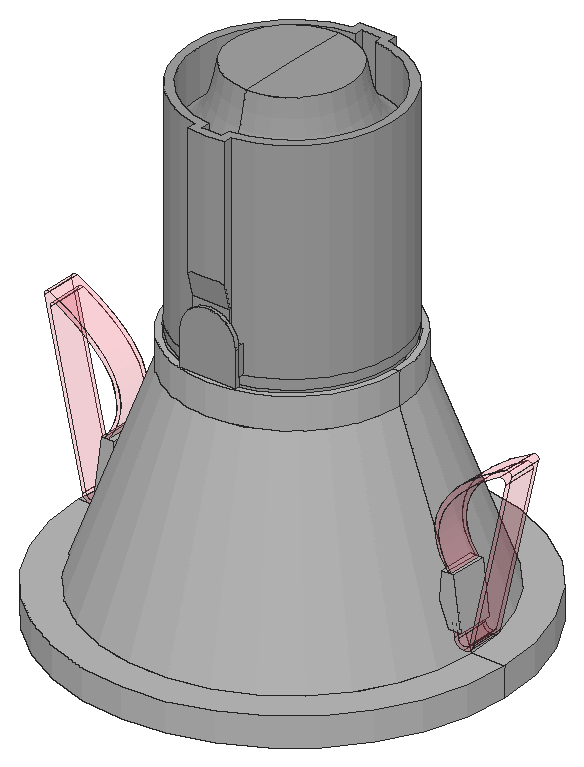
Revit family "LAMP_MOODY G2 800 (DALI) +  ROUND FIXED IP55 REFLECTOR", category Luminarias, Revit 2015
Parameters (values of type "2700K FLOOD")
  Ángulo de inclinación = 90.00°
  White reflector model = White reflector code  # "MORFRD100FX55W"
  White reflector finish = "Matt white"
  White reflector description = "MOODY REF RD FX Ø99 WH."
  White reflector datasheet = "http://www.lamp.es/product-files/TECH/MORFRD100FX55W-EN.pdf"
  White reflector [instance] = no
  Wattage = 6.1 W
  UGR = "21"
  Type = "COB PHILIPS"
  White reflector code = "MORFRD100FX55W"
  Total weight = 0.25 kg
  Total height = 115 mm
  Reflector diameter = 100 mm
  Reflector [instance] = and(not(White reflector), not(Black reflector))  # no
  Recessed diameter = 95 mm
  built-in parameter 1150110 = 1 (stored number, unit not read)
  Protection rating = "IP20"
  Product URL = "https://www.lamp.es/en/family/moody_33323"
  Power Supply = "220-240V 50/60Hz"
  Power = 5 W
  Plum = 6.1 W
  Model explanation = "Availability of switching reflector colour when placed in a project."
  Material cristal = Cristal
  Material Reflector Plata = LAMP_PC Reflector Moody GR
  Material Reflector Negro = LAMP_PC Reflector Moody NG
  Material Reflector Cobre = LAMP_PC Reflector Moody CO
  Material Muelle Emp. = LAMP_Acero genérico
  Material Reflector Blanco = LAMP_PC Reflector Moody BL
  Manufacturer name = "LAMP"
  Manufacturer country = "Spain"
  Manufacturer URL = "http://www.lamp.es/en"
  MacAdam = "3"
  Lámpara = "COB LED"
  Luminaire type = "Indoor - Recessed Downlight"
  Last update = "28/08/2019"
  LED Lifetime = "50.000 L90 B10"
  Insulation class = "II"
  Installation instructions = "https://www.lamp.es/product-files/INS/1004620-A-INSTR.%20MOODY%20G2.pdf"
  IEE = "A++"
  Gear = "Adjustable DALI"
  built-in parameter 1114217 = 1 (stored number, unit not read)
  built-in parameter 1150109 = 1 (stored number, unit not read)
  Fabricante = Manufacturer name  # "LAMP"
  Efficacy = 71.3 lm/W
  Descripción = "MOODY G2 800 VWW FL DALI BK."
  Core product code = "MO208FL927DB"
  Core diameter = 50 mm
  Core datasheet = "http://www.lamp.es/product-files/TECH/MO208FL927DB-EN.pdf"
  Core model = Core product code  # "MO208FL927DB"
  Comentarios de tipo = Model explanation  # "Availability of switching reflector colour when placed in a project."
  built-in parameter 1150134 = (empty or 0)
  built-in parameter 1150113 = 1 (stored number, unit not read)
  Lumens = 434.93 lm
  built-in parameter 1150115 = 1 (stored number, unit not read)
  built-in parameter 1150105 = 34.611 (stored number, unit not read)
  built-in parameter 1150137 = (empty or 0)
  built-in parameter 1150139 = (empty or 0)
  built-in parameter 1150112 = 1 (stored number, unit not read)
  built-in parameter 1150114 = 1 (stored number, unit not read)
  built-in parameter 1150132 = 2
  built-in parameter 1150102 = (empty or 0)
  built-in parameter 1150138 = (empty or 0)
  built-in parameter 1150107 = 2700 (stored number, unit not read)
  built-in parameter 1150106 = 0.34611 (stored number, unit not read)
  built-in parameter 1150104 = 6.624 (stored number, unit not read)
  Dimming Lamp Color Temperature Shift = (empty or 0)
  Color Filter = 16777215
  built-in parameter 1114218 = 1 (stored number, unit not read)
  CRI = "90"
  Core description = "MOODY CORE 500 VWW MFL"
  Black reflector model = Black reflector code  # "MORFRD100FX55B"
  Black reflector finish = "Matt black"
  Black reflector description = "MOODY REF RD FX Ø99 BK."
  Black reflector datasheet = "http://www.lamp.es/product-files/TECH/MORFRD100FX55B-EN.pdf"
  Black reflector code = "MORFRD100FX55B"
  Black reflector [instance] = yes
  Archivo de red fotométrica = "MO208FL927TB.IES"
  Altura reflector = 56.5 mm
  built-in parameter 1150133 = 10 (stored number, unit not read)
Types (9, lengths in mm): name | Efficacy | Descripción | Core product code | Core datasheet | Core model | built-in parameter 1150107 | CRI
  2700K FLOOD | 71.3 lm/W | "MOODY G2 800 VWW FL DALI BK." | "MO208FL927DB" | "http://www.lamp.es/product-files/TECH/MO208FL927DB-EN.pdf" | "MO208FL927DB" | 2700 (stored number, unit not read) | "90"
  2700K SPOT | 71.3 lm/W | "MOODY G2 800 VWW SP DALI BK." | "MO208SP927DB" | "http://www.lamp.es/product-files/TECH/MO208SP927DB-EN.pdf" | "MO208SP927DB" | 2700 (stored number, unit not read) | "90"
  2700K WIDE FLOOD | 71.3 lm/W | "MOODY G2 800 VWW WFL DALI BK." | "MO208WF927DB" | "http://www.lamp.es/product-files/TECH/MO208WF927DB-EN.pdf" | "MO208WF927DB" | 2700 (stored number, unit not read) | "90"
  3000K FLOOD | 87.4 lm/W | "MOODY G2 800 WW FL DALI BK." | "MO208FL830DB" | "http://www.lamp.es/product-files/TECH/MO208FL830DB-EN.pdf" | "MO208FL830DB" | 3000 (stored number, unit not read) | "80"
  3000K SPOT | 87.4 lm/W | "MOODY G2 800 WW SP DALI BK." | "MO208SP830DB" | "http://www.lamp.es/product-files/TECH/MO208SP830DB-EN.pdf" | "MO208SP830DB" | 3000 (stored number, unit not read) | "80"
  3000K WIDE FLOOD | 87.4 lm/W | "MOODY G2 800 WW WFL DALI BK." | "MO208WF830DB" | "http://www.lamp.es/product-files/TECH/MO208WF830DB-EN.pdf" | "MO208WF830DB" | 3000 (stored number, unit not read) | "80"
  4000K FLOOD | 92.6 lm/W | "MOODY G2 800 NW FL DALI BK." | "MO208FL840DB" | "http://www.lamp.es/product-files/TECH/MO208FL840DB-EN.pdf" | "MO208FL840DB" | 4000 (stored number, unit not read) | "80"
  4000K SPOT | 92.6 lm/W | "MOODY G2 800 NW SP DALI BK." | "MO208SP840DB" | "http://www.lamp.es/product-files/TECH/MO208SP840DB-EN.pdf" | "MO208SP840DB" | 4000 (stored number, unit not read) | "80"
  4000K WIDE FLOOD | 92.6 lm/W | "MOODY G2 800 NW WFL DALI BK." | "MO208WF840DB" | "http://www.lamp.es/product-files/TECH/MO208WF840DB-EN.pdf" | "MO208WF840DB" | 4000 (stored number, unit not read) | "80"
Reference planes
  plane 1 "Eje de origen de luz (F/P)": y = 0
  plane 2: z = 0
  plane 3 "Eje de origen de luz (I/D)": x = 0
  plane 4 "Techo": z = 3738.5
  plane 5 "Elevación de origen de luz": z = 3738.5
Forms (mm)
  Revolve 1, solid, material "LAMP_PC Reflector Moody NG" <- "Material Reflector Negro", visible <- "Reflector"
    sketch origin (0, 0, 0) x (1, 0, 0) y (0, 0, 1)
      loop
        line (-26.8, 3795) -> (-26.8, 3787.4) -> (-44.8, 3738.5) -> (-53, 3738.5) -> (-53, 3731.4) -> (-43.4, 3731.4) -> (-43.4, 3737.815) -> (-25.4, 3786.715) -> (-20.4, 3786.715) -> (-20.4, 3789.672) -> (-25.4, 3789.672) -> (-25.4, 3795) -> (-26.8, 3795)
      axis (0, 3731.4) -> (0, 3795)
    angle from 0 to 360
  Extrusion 2, solid, material "LAMP_PC Reflector Moody CO" <- "Material Reflector Cobre", not visible
    sketch origin (0, 0, 0) x (1, 0, 0) y (0, 0, 1)
      loop
        line (-42.407, 3745) -> (-40.284, 3750.769) -> (-40.873, 3757.5) -> (-43.873, 3757.5) -> (-45.407, 3745) -> (-42.407, 3745)
    from 4.4 to -4.4
  Extrusion 3, solid, material "LAMP_PC Reflector Moody CO" <- "Material Reflector Cobre", not visible
    sketch origin (0, 0, 0) x (-1, 0, 0) y (0, 0, -1)
      loop
        line (-42.407, -3745) -> (-45.407, -3745) -> (-43.873, -3757.5) -> (-40.873, -3757.5) -> (-40.284, -3750.769) -> (-42.407, -3745)
    from 4.4 to -4.4
  Extrusion 4, solid, material "LAMP_Acero genérico" <- "Material Muelle Emp."
    sketch origin (0, 0, 0) x (1, 0, 0) y (0, 0, 1)
      loop
        line (-43.449, 3746.955) -> (-44.442, 3747.077) -> (-44.86, 3743.673)
        arc (-44.86, 3743.673) -> (-46.011, 3742.395) -> (-47.607, 3743.039) r 1.5
        line (-47.607, 3743.039) -> (-56.587, 3781.935)
        arc (-56.587, 3781.935) -> (-56.25, 3782.912) -> (-55.225, 3783.038) r 0.975
        spline (-55.225, 3783.038) -> (-51.331, 3780.738) -> (-48.069, 3778.431) -> (-45.409, 3776.129) -> (-43.316, 3773.842) -> (-41.759, 3771.583) -> (-40.706, 3769.362) -> (-40.125, 3767.192) -> (-39.983, 3765.084) -> (-40.248, 3763.049) -> (-40.888, 3761.099) -> (-41.87, 3759.246) -> (-43.162, 3757.5)
        line (-43.162, 3757.5) -> (-42.155, 3757.5)
        spline (-42.155, 3757.5) -> (-40.805, 3759.492) -> (-39.803, 3761.59) -> (-39.185, 3763.778) -> (-38.986, 3766.043) -> (-39.241, 3768.371) -> (-39.985, 3770.746) -> (-41.254, 3773.156) -> (-43.082, 3775.585) -> (-45.504, 3778.019) -> (-48.557, 3780.445) -> (-52.274, 3782.848) -> (-56.692, 3785.214)
        arc (-56.692, 3785.214) -> (-57.717, 3785.088) -> (-58.053, 3784.112) r 0.975
        line (-58.053, 3784.112) -> (-48.597, 3743.153)
        arc (-48.597, 3743.153) -> (-47.735, 3741.824) -> (-46.22, 3741.36) r 2.317
        arc (-46.22, 3741.36) -> (-44.644, 3742.027) -> (-43.867, 3743.552) r 2.5
        line (-43.867, 3743.552) -> (-43.449, 3746.955)
    from 4.3 to -4.3
  Extrusion 5, solid, material "LAMP_Acero genérico" <- "Material Muelle Emp."
    sketch origin (0, 0, 0) x (-1, 0, 0) y (0, 0, -1)
      loop
        line (-43.449, -3746.955) -> (-43.867, -3743.552)
        arc (-43.867, -3743.552) -> (-44.644, -3742.027) -> (-46.22, -3741.36) r 2.5
        arc (-46.22, -3741.36) -> (-47.735, -3741.824) -> (-48.597, -3743.153) r 2.317
        line (-48.597, -3743.153) -> (-58.053, -3784.112)
        arc (-58.053, -3784.112) -> (-57.717, -3785.088) -> (-56.692, -3785.214) r 0.975
        spline (-56.692, -3785.214) -> (-52.274, -3782.848) -> (-48.557, -3780.445) -> (-45.504, -3778.019) -> (-43.082, -3775.585) -> (-41.254, -3773.156) -> (-39.985, -3770.746) -> (-39.241, -3768.371) -> (-38.986, -3766.043) -> (-39.185, -3763.778) -> (-39.803, -3761.59) -> (-40.805, -3759.492) -> (-42.155, -3757.5)
        line (-42.155, -3757.5) -> (-43.162, -3757.5)
        spline (-43.162, -3757.5) -> (-41.87, -3759.246) -> (-40.888, -3761.099) -> (-40.248, -3763.049) -> (-39.983, -3765.084) -> (-40.125, -3767.192) -> (-40.706, -3769.362) -> (-41.759, -3771.583) -> (-43.316, -3773.842) -> (-45.409, -3776.129) -> (-48.069, -3778.431) -> (-51.331, -3780.738) -> (-55.225, -3783.038)
        arc (-55.225, -3783.038) -> (-56.25, -3782.912) -> (-56.587, -3781.935) r 0.975
        line (-56.587, -3781.935) -> (-47.607, -3743.039)
        arc (-47.607, -3743.039) -> (-46.011, -3742.395) -> (-44.86, -3743.673) r 1.5
        line (-44.86, -3743.673) -> (-44.442, -3747.077) -> (-43.449, -3746.955)
    from 4.3 to -4.3
  Revolve 6, solid, material "LAMP_PC Reflector Moody BL" <- "Material Reflector Blanco", visible <- "White reflector"
    sketch origin (0, 0, 0) x (1, 0, 0) y (0, 0, 1)
      loop
        line (-26.8, 3795) -> (-26.8, 3787.4) -> (-44.8, 3738.5) -> (-53, 3738.5) -> (-53, 3731.4) -> (-43.4, 3731.4) -> (-43.4, 3737.815) -> (-25.4, 3786.715) -> (-20.4, 3786.715) -> (-20.4, 3789.672) -> (-25.4, 3789.672) -> (-25.4, 3795) -> (-26.8, 3795)
      axis (0, 3731.4) -> (0, 3795)
    angle from 0 to 360
  Extrusion 7, solid, material "LAMP_PC Reflector Moody BL" <- "Material Reflector Blanco", visible <- "White reflector"
    sketch origin (0, 0, 0) x (1, 0, 0) y (0, 0, 1)
      loop
        line (-42.407, 3745) -> (-40.284, 3750.769) -> (-40.873, 3757.5) -> (-43.873, 3757.5) -> (-45.407, 3745) -> (-42.407, 3745)
    from 4.4 to -4.4
  Extrusion 8, solid, material "LAMP_PC Reflector Moody BL" <- "Material Reflector Blanco", visible <- "White reflector"
    sketch origin (0, 0, 0) x (-1, 0, 0) y (0, 0, -1)
      loop
        line (-42.407, -3745) -> (-45.407, -3745) -> (-43.873, -3757.5) -> (-40.873, -3757.5) -> (-40.284, -3750.769) -> (-42.407, -3745)
    from 4.4 to -4.4
  Revolve 9, solid, material "LAMP_PC Reflector Moody NG" <- "Material Reflector Negro", visible <- "Black reflector"
    sketch origin (0, 0, 0) x (1, 0, 0) y (0, 0, 1)
      loop
        line (-26.8, 3795) -> (-26.8, 3787.4) -> (-44.8, 3738.5) -> (-53, 3738.5) -> (-53, 3731.4) -> (-43.4, 3731.4) -> (-43.4, 3737.815) -> (-25.4, 3786.715) -> (-20.4, 3786.715) -> (-20.4, 3789.672) -> (-25.4, 3789.672) -> (-25.4, 3795) -> (-26.8, 3795)
      axis (0, 3731.4) -> (0, 3795)
    angle from 0 to 360
  Extrusion 10, solid, material "LAMP_PC Reflector Moody NG" <- "Material Reflector Negro", visible <- "Black reflector"
    sketch origin (0, 0, 0) x (1, 0, 0) y (0, 0, 1)
      loop
        line (-42.407, 3745) -> (-40.284, 3750.769) -> (-40.873, 3757.5) -> (-43.873, 3757.5) -> (-45.407, 3745) -> (-42.407, 3745)
    from 4.4 to -4.4
  Extrusion 11, solid, material "LAMP_PC Reflector Moody NG" <- "Material Reflector Negro", visible <- "Black reflector"
    sketch origin (0, 0, 0) x (-1, 0, 0) y (0, 0, -1)
      loop
        line (-42.407, -3745) -> (-45.407, -3745) -> (-43.873, -3757.5) -> (-40.873, -3757.5) -> (-40.284, -3750.769) -> (-42.407, -3745)
    from 4.4 to -4.4
  Extrusion 12, solid, material "LAMP_PC Reflector Moody GR" <- "Material Reflector Plata", not visible
    sketch origin (0, 0, 0) x (1, 0, 0) y (0, 0, 1)
      loop
        line (-42.407, 3745) -> (-40.284, 3750.769) -> (-40.873, 3757.5) -> (-43.873, 3757.5) -> (-45.407, 3745) -> (-42.407, 3745)
    from 4.4 to -4.4
  Extrusion 13, solid, material "LAMP_PC Reflector Moody GR" <- "Material Reflector Plata", not visible
    sketch origin (0, 0, 0) x (-1, 0, 0) y (0, 0, -1)
      loop
        line (-42.407, -3745) -> (-45.407, -3745) -> (-43.873, -3757.5) -> (-40.873, -3757.5) -> (-40.284, -3750.769) -> (-42.407, -3745)
    from 4.4 to -4.4
  Extrusion 14, solid, material "LAMP_PC Reflector Moody NG" <- "Material Reflector Negro", visible <- "Reflector"
    sketch origin (0, 0, 0) x (1, 0, 0) y (0, 0, 1)
      loop
        line (-42.407, 3745) -> (-40.284, 3750.769) -> (-40.873, 3757.5) -> (-43.873, 3757.5) -> (-45.407, 3745) -> (-42.407, 3745)
    from 4.4 to -4.4
  Extrusion 15, solid, material "LAMP_PC Reflector Moody NG" <- "Material Reflector Negro", visible <- "Reflector"
    sketch origin (0, 0, 0) x (-1, 0, 0) y (0, 0, -1)
      loop
        line (-42.407, -3745) -> (-45.407, -3745) -> (-43.873, -3757.5) -> (-40.873, -3757.5) -> (-40.284, -3750.769) -> (-42.407, -3745)
    from 4.4 to -4.4
  Revolve 16, solid, material "Cristal" <- "Material cristal"
    sketch origin (0, 0, 0) x (1, 0, 0) y (0, 0, 1)
      loop
        line (-43.4, 3738.5) -> (-43.4, 3731.4) -> (0, 3731.4) -> (0, 3738.5) -> (-43.4, 3738.5)
      axis (0, 3731.4) -> (0, 3738.5)
    angle from 0 to 360
Text (mm)
  text "Any modification of the parameters and properties of the LAMP BIM models must be executed and validated by the LAMP technical department.\n\nPhone: +34 93 736 68 00\n\nE-mail: lamp@lamp.es\n\n\n\nLAMP reserves the right to modify the technical specifications of its products." at (-1237.633, 1699.993, 3254.939), in view "Preview"
Dimensions and locks
  equal spacing: host sketch curve, plane 3 "Eje de origen de luz (I/D)", host sketch curve
  equal spacing: host sketch curve, plane 1 "Eje de origen de luz (F/P)", host sketch curve
  host sketch curve to host sketch curve = 4000 mm  (x2)
  locked: plane 4 "Techo" to host ceiling at 0
  "Altura reflector": plane 4 "Techo" to Revolve 1
  aligned and locked: plane 3 "Eje de origen de luz (I/D)" to imposter light
  aligned and locked: plane 1 "Eje de origen de luz (F/P)" to imposter light
  aligned and locked: plane 5 "Elevación de origen de luz" to imposter light
  aligned and locked: plane 4 "Techo" to plane 5 "Elevación de origen de luz"
Automatic sketch dimensions
  Extrusion 2 sketch curve to plane 4 "Techo" = 6.5 mm
  Extrusion 2 sketch curve to plane 3 "Eje de origen de luz (I/D)" = 45.407 mm
  Extrusion 2 sketch curve to Extrusion 2 sketch curve = 1.535 mm
  Extrusion 2 sketch curve to Extrusion 2 sketch curve = 3 mm  (x2)
  Extrusion 2 sketch curve to plane 4 "Techo" = 19 mm
  Extrusion 2 sketch curve to plane 4 "Techo" = 12.269 mm
  Extrusion 2 sketch curve to Extrusion 2 sketch curve = 2.124 mm
  plane 4 "Techo" to Extrusion 3 sketch curve = 6.5 mm
  Extrusion 3 sketch curve to plane 3 "Eje de origen de luz (I/D)" = 45.407 mm
  Extrusion 3 sketch curve to Extrusion 3 sketch curve = 1.535 mm
  Extrusion 3 sketch curve to Extrusion 3 sketch curve = 3 mm  (x2)
  plane 4 "Techo" to Extrusion 3 sketch curve = 19 mm
  plane 4 "Techo" to Extrusion 3 sketch curve = 12.269 mm
  Extrusion 3 sketch curve to Extrusion 3 sketch curve = 2.124 mm
  Extrusion 4 sketch curve to Extrusion 4 sketch curve = 0 mm  (x2)
  Extrusion 4 sketch curve to plane 3 "Eje de origen de luz (I/D)" = 58.053 mm
  Extrusion 4 sketch curve to Extrusion 4 sketch curve = 0.95 mm  (x2)
  Extrusion 4 sketch curve to Extrusion 4 sketch curve = 0.412 mm  (x2)
  Extrusion 4 sketch curve to Extrusion 4 sketch curve = 0.517 mm
  Extrusion 4 sketch curve to plane 4 "Techo" = 4.653 mm
  Extrusion 4 sketch curve to Extrusion 4 sketch curve = 7.989 mm
  Extrusion 4 sketch curve to plane 4 "Techo" = 4.539 mm
  Extrusion 4 sketch curve to Extrusion 4 sketch curve = 0.991 mm
  Extrusion 4 sketch curve to Extrusion 4 sketch curve = 1.258 mm
  Extrusion 4 sketch curve to Extrusion 4 sketch curve = 0.009 mm
  Extrusion 4 sketch curve to plane 4 "Techo" = 5.173 mm
  Extrusion 4 sketch curve to Extrusion 4 sketch curve = 1.479 mm
  Extrusion 4 sketch curve to plane 4 "Techo" = 8.577 mm
  Extrusion 4 sketch curve to Extrusion 4 sketch curve = 0.418 mm
  Extrusion 4 sketch curve to plane 4 "Techo" = 5.052 mm
  Extrusion 4 sketch curve to Extrusion 4 sketch curve = 0.993 mm
  Extrusion 4 sketch curve to Extrusion 4 sketch curve = 1.28 mm
  Extrusion 4 sketch curve to Extrusion 4 sketch curve = 1.008 mm
  Extrusion 4 sketch curve to Extrusion 4 sketch curve = 0.182 mm
  Extrusion 4 sketch curve to Extrusion 4 sketch curve = 10.423 mm
  Extrusion 4 sketch curve to Extrusion 4 sketch curve = 24.435 mm
  Extrusion 4 sketch curve to Extrusion 4 sketch curve = 0.219 mm  (x2)
  Extrusion 4 sketch curve to Extrusion 4 sketch curve = 2.176 mm
  Extrusion 5 sketch curve to Extrusion 5 sketch curve = 0 mm  (x2)
  Extrusion 5 sketch curve to plane 3 "Eje de origen de luz (I/D)" = 58.053 mm
  Extrusion 5 sketch curve to Extrusion 5 sketch curve = 0.95 mm  (x2)
  Extrusion 5 sketch curve to Extrusion 5 sketch curve = 0.412 mm  (x2)
  Extrusion 5 sketch curve to Extrusion 5 sketch curve = 0.517 mm
  plane 4 "Techo" to Extrusion 5 sketch curve = 4.653 mm
  Extrusion 5 sketch curve to Extrusion 5 sketch curve = 7.989 mm
  plane 4 "Techo" to Extrusion 5 sketch curve = 4.539 mm
  Extrusion 5 sketch curve to Extrusion 5 sketch curve = 0.991 mm
  Extrusion 5 sketch curve to Extrusion 5 sketch curve = 1.258 mm
  Extrusion 5 sketch curve to Extrusion 5 sketch curve = 0.009 mm
  plane 4 "Techo" to Extrusion 5 sketch curve = 5.173 mm
  Extrusion 5 sketch curve to Extrusion 5 sketch curve = 1.479 mm
  plane 4 "Techo" to Extrusion 5 sketch curve = 8.577 mm
  Extrusion 5 sketch curve to Extrusion 5 sketch curve = 0.418 mm
  plane 4 "Techo" to Extrusion 5 sketch curve = 5.052 mm
  Extrusion 5 sketch curve to Extrusion 5 sketch curve = 0.993 mm
  Extrusion 5 sketch curve to Extrusion 5 sketch curve = 1.28 mm
  Extrusion 5 sketch curve to Extrusion 5 sketch curve = 1.008 mm
  Extrusion 5 sketch curve to Extrusion 5 sketch curve = 0.182 mm
  Extrusion 5 sketch curve to Extrusion 5 sketch curve = 10.423 mm
  Extrusion 5 sketch curve to Extrusion 5 sketch curve = 24.435 mm
  Extrusion 5 sketch curve to Extrusion 5 sketch curve = 0.219 mm  (x2)
  Extrusion 5 sketch curve to Extrusion 5 sketch curve = 2.176 mm
  Extrusion 7 sketch curve to plane 4 "Techo" = 6.5 mm
  Extrusion 7 sketch curve to plane 3 "Eje de origen de luz (I/D)" = 45.407 mm
  Extrusion 7 sketch curve to Extrusion 7 sketch curve = 1.535 mm
  Extrusion 7 sketch curve to Extrusion 7 sketch curve = 3 mm  (x2)
  Extrusion 7 sketch curve to plane 4 "Techo" = 19 mm
  Extrusion 7 sketch curve to plane 4 "Techo" = 12.269 mm
  Extrusion 7 sketch curve to Extrusion 7 sketch curve = 2.124 mm
  plane 4 "Techo" to Extrusion 8 sketch curve = 6.5 mm
  Extrusion 8 sketch curve to plane 3 "Eje de origen de luz (I/D)" = 45.407 mm
  Extrusion 8 sketch curve to Extrusion 8 sketch curve = 1.535 mm
  Extrusion 8 sketch curve to Extrusion 8 sketch curve = 3 mm  (x2)
  plane 4 "Techo" to Extrusion 8 sketch curve = 19 mm
  plane 4 "Techo" to Extrusion 8 sketch curve = 12.269 mm
  Extrusion 8 sketch curve to Extrusion 8 sketch curve = 2.124 mm
  Extrusion 10 sketch curve to plane 4 "Techo" = 6.5 mm
  Extrusion 10 sketch curve to plane 3 "Eje de origen de luz (I/D)" = 45.407 mm
  Extrusion 10 sketch curve to Extrusion 10 sketch curve = 1.535 mm
  Extrusion 10 sketch curve to Extrusion 10 sketch curve = 3 mm  (x2)
  Extrusion 10 sketch curve to plane 4 "Techo" = 19 mm
  Extrusion 10 sketch curve to plane 4 "Techo" = 12.269 mm
  Extrusion 10 sketch curve to Extrusion 10 sketch curve = 2.124 mm
  plane 4 "Techo" to Extrusion 11 sketch curve = 6.5 mm
  Extrusion 11 sketch curve to plane 3 "Eje de origen de luz (I/D)" = 45.407 mm
  Extrusion 11 sketch curve to Extrusion 11 sketch curve = 1.535 mm
  Extrusion 11 sketch curve to Extrusion 11 sketch curve = 3 mm  (x2)
  plane 4 "Techo" to Extrusion 11 sketch curve = 19 mm
  plane 4 "Techo" to Extrusion 11 sketch curve = 12.269 mm
  Extrusion 11 sketch curve to Extrusion 11 sketch curve = 2.124 mm
  Extrusion 12 sketch curve to plane 4 "Techo" = 6.5 mm
  Extrusion 12 sketch curve to plane 3 "Eje de origen de luz (I/D)" = 45.407 mm
  Extrusion 12 sketch curve to Extrusion 12 sketch curve = 1.535 mm
  Extrusion 12 sketch curve to Extrusion 12 sketch curve = 3 mm  (x2)
  Extrusion 12 sketch curve to plane 4 "Techo" = 19 mm
  Extrusion 12 sketch curve to plane 4 "Techo" = 12.269 mm
  Extrusion 12 sketch curve to Extrusion 12 sketch curve = 2.124 mm
  plane 4 "Techo" to Extrusion 13 sketch curve = 6.5 mm
  Extrusion 13 sketch curve to plane 3 "Eje de origen de luz (I/D)" = 45.407 mm
  Extrusion 13 sketch curve to Extrusion 13 sketch curve = 1.535 mm
  Extrusion 13 sketch curve to Extrusion 13 sketch curve = 3 mm  (x2)
  plane 4 "Techo" to Extrusion 13 sketch curve = 19 mm
  plane 4 "Techo" to Extrusion 13 sketch curve = 12.269 mm
  Extrusion 13 sketch curve to Extrusion 13 sketch curve = 2.124 mm
  Extrusion 14 sketch curve to plane 4 "Techo" = 6.5 mm
  Extrusion 14 sketch curve to plane 3 "Eje de origen de luz (I/D)" = 45.407 mm
  Extrusion 14 sketch curve to Extrusion 14 sketch curve = 1.535 mm
  Extrusion 14 sketch curve to Extrusion 14 sketch curve = 3 mm  (x2)
  Extrusion 14 sketch curve to plane 4 "Techo" = 19 mm
  Extrusion 14 sketch curve to plane 4 "Techo" = 12.269 mm
  Extrusion 14 sketch curve to Extrusion 14 sketch curve = 2.124 mm
  plane 4 "Techo" to Extrusion 15 sketch curve = 6.5 mm
  Extrusion 15 sketch curve to plane 3 "Eje de origen de luz (I/D)" = 45.407 mm
  Extrusion 15 sketch curve to Extrusion 15 sketch curve = 1.535 mm
  Extrusion 15 sketch curve to Extrusion 15 sketch curve = 3 mm  (x2)
  plane 4 "Techo" to Extrusion 15 sketch curve = 19 mm
  plane 4 "Techo" to Extrusion 15 sketch curve = 12.269 mm
  Extrusion 15 sketch curve to Extrusion 15 sketch curve = 2.124 mm
  Revolve 16 sketch curve to plane 4 "Techo" = 0 mm
  Revolve 16 sketch curve to plane 3 "Eje de origen de luz (I/D)" = 0 mm  (x2)
  plane 4 "Techo" to Revolve 16 sketch curve = 7.1 mm
  Revolve 16 sketch curve to plane 3 "Eje de origen de luz (I/D)" = 43.4 mm
  Revolve 16 sketch curve to level = 358.228 mm
  Revolve 16 sketch curve to plane 4 "Techo" = 623.685 mm
  Revolve 9 sketch curve to plane 4 "Techo" = 0 mm
  Revolve 9 sketch curve to plane 3 "Eje de origen de luz (I/D)" = 0 mm
  Revolve 9 sketch curve to plane 3 "Eje de origen de luz (I/D)" = 20.4 mm
  Revolve 9 sketch curve to Revolve 9 sketch curve = 5 mm
  Revolve 9 sketch curve to Revolve 9 sketch curve = 0 mm
  Revolve 9 sketch curve to Revolve 9 sketch curve = 1.4 mm  (x2)
  plane 4 "Techo" to Revolve 9 sketch curve = 7.1 mm
  Revolve 9 sketch curve to plane 3 "Eje de origen de luz (I/D)" = 43.4 mm
  Revolve 9 sketch curve to Revolve 9 sketch curve = 9.6 mm
  Revolve 9 sketch curve to plane 4 "Techo" = 48.215 mm
  Revolve 9 sketch curve to Revolve 9 sketch curve = 0.685 mm
  Revolve 9 sketch curve to Revolve 9 sketch curve = 2.272 mm
  Revolve 9 sketch curve to Revolve 9 sketch curve = 5.328 mm
  plane 4 "Techo" to Revolve 9 sketch curve = 0.685 mm
  Revolve 9 sketch curve to level = 358.228 mm
  Revolve 9 sketch curve to Revolve 9 sketch curve = 305.685 mm
  Revolve 6 sketch curve to plane 4 "Techo" = 0 mm
  Revolve 6 sketch curve to plane 3 "Eje de origen de luz (I/D)" = 0 mm
  Revolve 6 sketch curve to plane 3 "Eje de origen de luz (I/D)" = 20.4 mm
  Revolve 6 sketch curve to Revolve 6 sketch curve = 5 mm
  Revolve 6 sketch curve to Revolve 6 sketch curve = 0 mm
  Revolve 6 sketch curve to Revolve 6 sketch curve = 1.4 mm  (x2)
  plane 4 "Techo" to Revolve 6 sketch curve = 7.1 mm
  Revolve 6 sketch curve to plane 3 "Eje de origen de luz (I/D)" = 43.4 mm
  Revolve 6 sketch curve to Revolve 6 sketch curve = 9.6 mm
  Revolve 6 sketch curve to plane 4 "Techo" = 48.215 mm
  Revolve 6 sketch curve to Revolve 6 sketch curve = 0.685 mm
  Revolve 6 sketch curve to Revolve 6 sketch curve = 2.272 mm
  Revolve 6 sketch curve to Revolve 6 sketch curve = 5.328 mm
  plane 4 "Techo" to Revolve 6 sketch curve = 0.685 mm
  Revolve 6 sketch curve to level = 358.228 mm
  Revolve 6 sketch curve to Revolve 6 sketch curve = 305.685 mm
  Revolve 1 sketch curve to plane 4 "Techo" = 0 mm
  Revolve 1 sketch curve to plane 3 "Eje de origen de luz (I/D)" = 0 mm
  Revolve 1 sketch curve to plane 3 "Eje de origen de luz (I/D)" = 20.4 mm
  Revolve 1 sketch curve to Revolve 1 sketch curve = 5 mm
  Revolve 1 sketch curve to Revolve 1 sketch curve = 0 mm
  Revolve 1 sketch curve to Revolve 1 sketch curve = 1.4 mm  (x2)
  plane 4 "Techo" to Revolve 1 sketch curve = 7.1 mm
  Revolve 1 sketch curve to plane 3 "Eje de origen de luz (I/D)" = 43.4 mm
  Revolve 1 sketch curve to Revolve 1 sketch curve = 9.6 mm
  Revolve 1 sketch curve to plane 4 "Techo" = 48.215 mm
  Revolve 1 sketch curve to Revolve 1 sketch curve = 0.685 mm
  Revolve 1 sketch curve to Revolve 1 sketch curve = 2.272 mm
  Revolve 1 sketch curve to Revolve 1 sketch curve = 5.328 mm
  plane 4 "Techo" to Revolve 1 sketch curve = 0.685 mm
  Revolve 1 sketch curve to level = 358.228 mm
  Revolve 1 sketch curve to Revolve 1 sketch curve = 305.685 mm
Nested families
  nested 1: "LAMP_MOODY CORE 500" at (0, 0, 3789.672) x (0, 1, 0) z (0, 0, 1), type "LAMP_MOODY CORE 500"
Connectors
  electrical at (0, 0, 3738.5)
    settings: on imposter light, index 1, voltage 230 V, apparent load 0 VA, apparent load phase1 0 VA, apparent load phase2 0 VA, apparent load phase3 0 VA, power factor 1, load classification "Otro", number of poles 1, system type 31, power factor state 1, is connector primary yes, connector utility no, sub classification motor no, connector description ""
Definition of nested family "LAMP_MOODY CORE 500"
  Parameters (values of type "LAMP_MOODY CORE 500")
    Weight = 0.214 kg
    Protection rating = "IP20"
    Product name = "MOODY CORE 500"
    Product URL = "http://www.lamp.es/en/family/moody_33323"
    Material Reflector = none
    Material Cuerpo = none
    Material COB = none
    Manufacturer name = "LAMP"
    Manufacturer country = "Spain"
    Manufacturer URL = "http://www.lamp.es/en"
    Luminaire type = "Indoor - Recessed Downlight"
    Last update = "08/05/2018"
    Installation instructions = ""
    Height = 65 mm
    Finish = "Cataphorese"
    Manufacturer = Manufacturer name  # "LAMP"
    Default Elevation = 1219.2 mm
    Diameter = 50 mm
    Description = Product name  # "MOODY CORE 500"
    Type Comments = "For product codes and features, see corresponding files LAMP_CORE + REFLECTOR"
    Altura interior = 49 mm
  Reference planes
    plane 1 "Centro (Frontal/Posterior)": y = 0
    plane 2: z = 0
    plane 3 "Centro (Izquierda/Derecha)": x = 0
    plane 4: z = 49
  Forms (mm)
    Extrusion 1, solid
      sketch origin (0, 0, 0) x (1, 0, 0) y (0, 1, 0)
        loop
          line (-1219.2, 1219.2) -> (-1219.2, -1219.2) -> (1219.2, -1219.2) -> (1219.2, 1219.2) -> (-1219.2, 1219.2)
      from 0 to -304.8
    Extrusion 2, solid, material <- "Material Cuerpo"
      sketch origin (0, 0, 8.2) x (1, 0, 0) y (0, 1, 0)
        loop
          arc (-26.622, 4.5) -> (-27, 0) -> (-26.622, -4.5) r 27
          line (-26.622, -4.5) -> (-24.592, -4.5)
          arc (-24.592, -4.5) -> (0, -25) -> (24.592, -4.5) r 25
          line (24.592, -4.5) -> (26.622, -4.5)
          arc (26.622, -4.5) -> (27, 0) -> (26.622, 4.5) r 27
          line (26.622, 4.5) -> (24.592, 4.5)
          arc (24.592, 4.5) -> (0, 25) -> (-24.592, 4.5) r 25
          line (-24.592, 4.5) -> (-26.622, 4.5)
        loop
          line (-24.875, -2.5) -> (-22.864, -2.5)
          arc (-22.864, -2.5) -> (0, -23) -> (22.864, -2.5) r 23
          line (22.864, -2.5) -> (24.875, -2.5)
          arc (24.875, -2.5) -> (25, 0) -> (24.875, 2.5) r 25
          line (24.875, 2.5) -> (22.864, 2.5)
          arc (22.864, 2.5) -> (0, 23) -> (-22.864, 2.5) r 23
          line (-22.864, 2.5) -> (-24.875, 2.5)
          arc (-24.875, 2.5) -> (-25, 0) -> (-24.875, -2.5) r 25
      from 0 to 52
    Revolve 3, solid, material <- "Material Cuerpo"
      sketch origin (0, 0, 8.2) x (1, 0, 0) y (0, 0, 1)
        loop
          spline (-14.467, 56.8) -> (-14.836, 54.556) -> (-15.268, 52.477) -> (-15.761, 50.564) -> (-16.317, 48.817) -> (-16.935, 47.235) -> (-17.615, 45.819) -> (-18.357, 44.568) -> (-19.161, 43.483) -> (-20.028, 42.564) -> (-20.956, 41.81) -> (-21.947, 41.222) -> (-23, 40.8)
          line (-23, 40.8) -> (0, 40.8) -> (0, 56.8) -> (-14.467, 56.8)
        axis (0, 56.8) -> (0, 40.8)
      angle from 0 to 360
    Extrusion 4, void
      sketch origin (0, 0, 8.2) x (0, 1, 0) y (0, 0, 1)
        loop
          line (-7, 0) -> (7, 0) -> (7, 6.5) -> (-7, 6.5) -> (-7, 0)
      from -28 to 28
    Extrusion 5, void
      sketch origin (0, 0, 8.2) x (1, 0, 0) y (0, 0, 1)
        loop
          line (25.068, 6.5) -> (27.791, 6.5) -> (27.791, 20.707) -> (26.791, 20.707) -> (25.068, 14.278) -> (25.068, 6.5)
      from -7 to 7
    Extrusion 6, void
      sketch origin (0, 0, 8.2) x (-1, 0, 0) y (0, 0, -1)
        loop
          line (25.068, -6.3) -> (25.068, -14.078) -> (26.791, -20.507) -> (27.791, -20.507) -> (27.791, -6.3) -> (25.068, -6.3)
      from -7 to 7
    Revolve 7, solid, material <- "Material Cuerpo"
      sketch origin (0, 0, 0) x (1, 0, 0) y (0, 0, 1)
        loop
          line (24.8, 0) -> (24.8, 2.2) -> (22.75, 2.2) -> (22.75, 5.8) -> (25, 5.8) -> (25, 8.2) -> (21.4, 8.2) -> (21.4, 7) -> (20.45, 7) -> (20.45, 0) -> (24.8, 0)
        axis (0, 8.2) -> (0, 0)
      angle from 0 to 360
    Extrusion 8, solid, material <- "Material Cuerpo"
      sketch origin (0, 0, 11.6) x (1, 0, 0) y (0, 1, 0)
        loop
          line (-25.068, 4.5) -> (-22.555, 4.5)
          arc (-22.555, 4.5) -> (0, 23) -> (22.555, 4.5) r 23
          line (22.555, 4.5) -> (25.068, 4.5) -> (25.068, 6.9) -> (22.778, 6.9)
          arc (22.778, 6.9) -> (0, 23.8) -> (-22.778, 6.9) r 23.8
          line (-22.778, 6.9) -> (-25.068, 6.9) -> (-25.068, 4.5)
        loop
          line (-25.068, -4.5) -> (-25.068, -6.9) -> (-22.778, -6.9)
          arc (-22.778, -6.9) -> (0, -23.8) -> (22.778, -6.9) r 23.8
          line (22.778, -6.9) -> (25.068, -6.9) -> (25.068, -4.5) -> (22.555, -4.5)
          arc (22.555, -4.5) -> (0, -23) -> (-22.555, -4.5) r 23
          line (-22.555, -4.5) -> (-25.068, -4.5)
      from -3.4 to 3.4
    Extrusion 9, solid, material <- "Material Cuerpo"
      sketch origin (0, 0, 0) x (0, 1, 0) y (0, 0, -1)
        loop
          arc (-6.769, -14.306) -> (0.131, -21.206) -> (7.031, -14.306) r 6.9
          line (7.031, -14.306) -> (7.031, -5.8) -> (-6.769, -5.8) -> (-6.769, -14.306)
      from 26 to 25.068
    Extrusion 10, solid, material <- "Material Cuerpo"
      sketch origin (0, 0, 0) x (0, 1, 0) y (0, 0, 1)
        loop
          line (-6.769, 14.306) -> (-6.769, 5.8) -> (7.031, 5.8) -> (7.031, 14.306)
          arc (7.031, 14.306) -> (0.131, 21.206) -> (-6.769, 14.306) r 6.9
      from 26 to 25.068
    Revolve 11, solid, material <- "Material Reflector"
      sketch origin (0, 0, -1660) x (1, 0, 0) y (0, 0, 1)
        loop
          line (21.4, 1667) -> (14.233, 1685.672) -> (13.283, 1685.672) -> (20.45, 1667) -> (21.4, 1667)
        axis (0, 1685.672) -> (0, 1667)
      angle from 0 to 360
    Revolve 12, solid, material <- "Material COB"
      sketch origin (0, 0, -2160) x (1, 0, 0) y (0, 0, 1)
        loop
          line (0, 2185.672) -> (14.233, 2185.672) -> (14.233, 2186.672) -> (0, 2186.672) -> (0, 2185.672)
        axis (0, 2186.672) -> (0, 2185.672)
      angle from 0 to 360
  Cuts and joins
    Extrusion 4, Extrusion 5, Extrusion 6 cuts Extrusion 2
  Dimensions and locks
    "Altura interior": plane 4 to Extrusion 1
    locked: cut or joined group of Extrusion 2, Extrusion 4, Extrusion 5, Extrusion 6 to plane 4 at 11.2
    aligned and locked: plane 2 to Extrusion 1
    aligned and locked: level to Extrusion 1
    aligned and locked: Revolve 3 to plane 4
    aligned and locked: Extrusion 8 to Revolve 7
    aligned and locked: Revolve 12 to Revolve 11
  Automatic sketch dimensions
    Extrusion 1 sketch curve to Extrusion 1 sketch curve = 2438.4 mm  (x2)
    Extrusion 2 sketch curve to Extrusion 2 sketch curve = 0 mm  (x57)
    plane 1 "Centro (Frontal/Posterior)" to Extrusion 2 sketch curve = 0 mm
    Extrusion 2 sketch curve to plane 3 "Centro (Izquierda/Derecha)" = 0 mm
    Extrusion 2 sketch curve to plane 1 "Centro (Frontal/Posterior)" = 2.5 mm  (x2)
    Extrusion 2 sketch curve to plane 3 "Centro (Izquierda/Derecha)" = 22.864 mm
    Extrusion 2 sketch curve to Extrusion 2 sketch curve = 1.728 mm  (x4)
    Extrusion 2 sketch curve to Extrusion 2 sketch curve = 2.011 mm  (x3)
    Extrusion 2 sketch curve to Extrusion 2 sketch curve = 2.031 mm  (x3)
    plane 1 "Centro (Frontal/Posterior)" to Extrusion 2 sketch curve = 2.5 mm
    Extrusion 2 sketch curve to Extrusion 2 sketch curve = 2 mm
    Revolve 3 sketch curve to plane 4 = 0 mm
    Revolve 3 sketch curve to plane 3 "Centro (Izquierda/Derecha)" = 0 mm  (x2)
    Revolve 3 sketch curve to plane 3 "Centro (Izquierda/Derecha)" = 14.467 mm
    Revolve 3 sketch curve to Revolve 3 sketch curve = 8.533 mm
    plane 4 to Revolve 3 sketch curve = 16 mm
    Revolve 3 sketch curve to level = 601.4 mm
    Revolve 3 sketch curve to Revolve 3 sketch curve = 2552.058 mm
    plane 1 "Centro (Frontal/Posterior)" to Extrusion 4 sketch curve = 7 mm
    Extrusion 4 sketch curve to plane 1 "Centro (Frontal/Posterior)" = 7 mm
    level to Extrusion 4 sketch curve = 8.2 mm
    Extrusion 4 sketch curve to Extrusion 4 sketch curve = 6.5 mm
    plane 3 "Centro (Izquierda/Derecha)" to Extrusion 5 sketch curve = 25.068 mm
    Extrusion 5 sketch curve to Extrusion 5 sketch curve = 1.723 mm
    Extrusion 5 sketch curve to Extrusion 5 sketch curve = 2.723 mm
    level to Extrusion 5 sketch curve = 14.7 mm
    Extrusion 5 sketch curve to Extrusion 5 sketch curve = 7.778 mm
    Extrusion 5 sketch curve to Extrusion 5 sketch curve = 6.429 mm
    Extrusion 6 sketch curve to plane 3 "Centro (Izquierda/Derecha)" = 25.068 mm
    Extrusion 6 sketch curve to Extrusion 6 sketch curve = 1.723 mm
    Extrusion 6 sketch curve to Extrusion 6 sketch curve = 2.723 mm
    Extrusion 6 sketch curve to plane 4 = 20.293 mm
    Extrusion 6 sketch curve to Extrusion 6 sketch curve = 6.429 mm
    Extrusion 6 sketch curve to Extrusion 6 sketch curve = 7.778 mm
    Revolve 7 sketch curve to plane 3 "Centro (Izquierda/Derecha)" = 0 mm
    Revolve 7 sketch curve to level = 0 mm
    plane 3 "Centro (Izquierda/Derecha)" to Revolve 7 sketch curve = 20.45 mm
    Revolve 7 sketch curve to Revolve 7 sketch curve = 0.95 mm
    Revolve 7 sketch curve to Revolve 7 sketch curve = 1.35 mm
    Revolve 7 sketch curve to Revolve 7 sketch curve = 2.05 mm
    Revolve 7 sketch curve to Revolve 7 sketch curve = 2.25 mm
    level to Revolve 7 sketch curve = 2.2 mm
    Revolve 7 sketch curve to Revolve 7 sketch curve = 3.6 mm
    Revolve 7 sketch curve to Revolve 7 sketch curve = 1.2 mm
    Revolve 7 sketch curve to Revolve 7 sketch curve = 2.4 mm
    Revolve 7 sketch curve to level = 609.6 mm
    plane 4 to Revolve 7 sketch curve = 2559.858 mm
    Extrusion 8 sketch curve to Extrusion 8 sketch curve = 0 mm  (x13)
    plane 1 "Centro (Frontal/Posterior)" to Extrusion 8 sketch curve = 0 mm
    Extrusion 8 sketch curve to plane 3 "Centro (Izquierda/Derecha)" = 0 mm
    plane 1 "Centro (Frontal/Posterior)" to Extrusion 8 sketch curve = 4.5 mm  (x2)
    Extrusion 8 sketch curve to plane 3 "Centro (Izquierda/Derecha)" = 22.555 mm
    Extrusion 8 sketch curve to plane 1 "Centro (Frontal/Posterior)" = 4.5 mm  (x2)
    Extrusion 8 sketch curve to Extrusion 8 sketch curve = 0.222 mm  (x4)
    Extrusion 8 sketch curve to Extrusion 8 sketch curve = 2.29 mm  (x3)
    Extrusion 8 sketch curve to Extrusion 8 sketch curve = 2.513 mm
    Extrusion 8 sketch curve to Extrusion 8 sketch curve = 2.4 mm  (x2)
    plane 1 "Centro (Frontal/Posterior)" to Extrusion 9 sketch curve = 6.769 mm
    Extrusion 9 sketch curve to plane 1 "Centro (Frontal/Posterior)" = 0.131 mm
    level to Extrusion 9 sketch curve = 14.306 mm
    level to Extrusion 9 sketch curve = 5.8 mm
    plane 1 "Centro (Frontal/Posterior)" to Extrusion 10 sketch curve = 6.769 mm
    Extrusion 10 sketch curve to plane 1 "Centro (Frontal/Posterior)" = 0.131 mm
    level to Extrusion 10 sketch curve = 5.8 mm
    Extrusion 10 sketch curve to Extrusion 10 sketch curve = 8.506 mm
    Revolve 11 sketch curve to plane 3 "Centro (Izquierda/Derecha)" = 0 mm
    plane 3 "Centro (Izquierda/Derecha)" to Revolve 11 sketch curve = 13.283 mm
    Revolve 11 sketch curve to Revolve 11 sketch curve = 0.95 mm  (x2)
    level to Revolve 11 sketch curve = 7 mm
    Revolve 11 sketch curve to Revolve 11 sketch curve = 6.217 mm
    Revolve 11 sketch curve to Revolve 11 sketch curve = 18.672 mm
    Revolve 11 sketch curve to level = 2269.6 mm
    plane 4 to Revolve 11 sketch curve = 899.858 mm
    Revolve 12 sketch curve to plane 3 "Centro (Izquierda/Derecha)" = 0 mm  (x2)
    Revolve 12 sketch curve to Revolve 12 sketch curve = 14.233 mm
    Revolve 12 sketch curve to plane 4 = 23.328 mm
    Revolve 12 sketch curve to Revolve 12 sketch curve = 1 mm
    Revolve 12 sketch curve to level = 2769.6 mm
    plane 4 to Revolve 12 sketch curve = 399.858 mm
